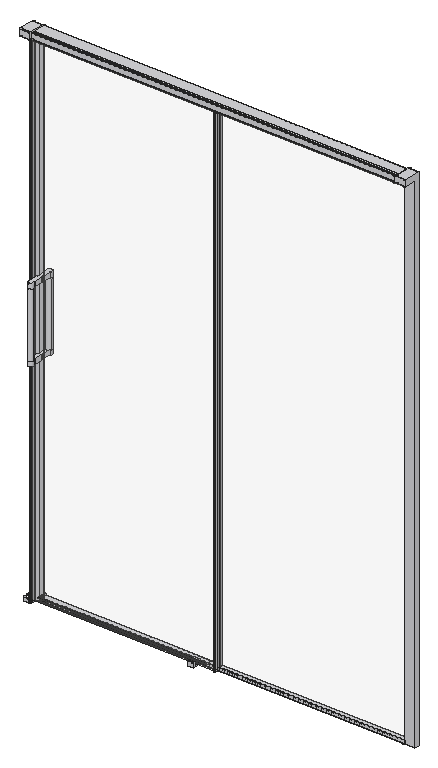
Revit family "Shower-Shower_Door-KOHLER-COMPOSED-1.1922.019_1", category Specialty Equipment, host Face, Revit 2017
Family settings
  Host = Face
  Round Connector Dimension = Use Diameter
  Part Type = Normal
  OmniClass Number = 23.31.17.17
  OmniClass Title = Shower Enclosures
  Cut with Voids When Loaded = No
  Shared = No
  Room Calculation Point = No
Parameters (values of type "Polished Chrome")
  Width [instance] = 59 1/16"
  WaterSense Certified = 1 = 0  # no
  URL = "https://www.kohler.co.uk/"
  Type = 1
  Product Page URL = ""
  Product Name = "COMPOSED"  # constant formula
  Product Documentation Link = ""
  Model = "1.1922.019"  # constant formula
  Material = "Premium Metal Construction"  # constant formula
  Master Format 2014 Name = "Shower Doors"  # constant formula
  Master Format 2014 = "10 28 19.16"  # constant formula
  Manufacturer Address = "Cromwell Road, Cheltenham, Gloucestershire. GL52 5EP Registered in England No. 252115"  # constant formula
  Manufacturer = "KOHLER Co."  # constant formula
  Length = 4 85/256"  # constant formula
  Height = 78 105/128"  # constant formula
  Head Clearance = 77 51/64"  # constant formula
  Finish = Kohler-Metal-CP-Polished_Chrome
  Environmental Product Declaration = ""
  Description = "SLIDING DOOR INLINE 1500 MM"  # constant formula
  Default Elevation = 4"
  Declare Label = ""
  Date Modified = "10/20/2021"  # constant formula
  Date Created = "10/20/2021"  # constant formula
  Copyright = "Copyright KOHLER Co."  # constant formula
  Contact Us = "https://www.kohler.co.uk/support/contact/"
  Assembly Code = "C1030200"
  ADA Compliant = 1 = 0  # no
Reference planes (in)
  plane 1 "Center (Front/Back)": y = 0
  plane 2: z = 0
  plane 3 "Center (Left/Right)": x = 0
  plane 4: x = -29.2126
  plane 5: x = 29.8499
  plane 6: x = -26.96759
  plane 7: z = 78.82031
  plane 8: z = 78.74016
  plane 9: z = 45.11811
  plane 10: z = 33.77953
  plane 11: z = 77.79687
  plane 12: y = 1.97219
  plane 13: y = 1.25984
  plane 14: y = 1.17486
  plane 15: y = -1.25984
  plane 16: y = -2.35984
  plane 17: y = -1.1649
Dimensions and locks (in)
  plane 4 to plane 3 "Center (Left/Right)" = 29.2126"
  "Width": plane 4 to plane 5
  plane 10 to level = 33.77953"
  plane 9 to plane 10 = 11.33858"
  "Head Clearance": plane 11 to plane 2
  "Height": plane 7 to plane 2
  plane 8 to plane 2 = 78.74016"
  plane 15 to plane 13 = 2.51969"
  plane 14 to plane 17 = 2.33977"
  "Length": plane 16 to plane 12
  aligned and locked: plane 2 to host face
  aligned and locked: level to host face
Automatic sketch dimensions
  host sketch curve to host sketch curve = 96"  (x2)
Nested families (in)
  nested 1: "1.1922.019" at (-2.83465, 0, 0), type "1.1922.019"
Definition of nested family "1.1922.019"
  Parameters (values of type "1.1922.019")
    Width = 59.05512"
    Material = none
  Reference planes (in)
    plane 1 "Center (Front/Back)": y = 0
    plane 2: z = 0
    plane 3 "Center (Left/Right)": x = 0
    plane 4: y = 1.25984
    plane 5: y = -1.25984
    plane 6: x = 32.67717
    plane 7: x = 2.83465
    plane 8: y = 1.97219
    plane 9: y = -2.35852
    plane 10: y = -0.35064
    plane 11: y = -0.03568
    plane 12: z = 78.74016
    plane 13: z = 77.79528
    plane 14: z = 45.11811
    plane 15: z = 33.77953
    plane 16: x = 31.10236
    plane 17: z = 78.8189
    plane 18: x = -26.37795
  Forms (in)
    Extrusion 1, solid, material <- "Material", detail levels medium+fine
      sketch origin (0, 0, 0) x (0, 1, 0) y (0, 0, 1)
        loop
          arc (-1.22047, 78.8189) -> (-1.24831, 78.80737) -> (-1.25984, 78.77953) r 0.03937
          line (-1.25984, 78.77953) -> (-1.25984, 77.83465)
          arc (-1.25984, 77.83465) -> (-1.24831, 77.80681) -> (-1.22047, 77.79528) r 0.03937
          line (-1.22047, 77.79528) -> (0.53525, 77.79528) -> (0.53525, 0) -> (1.25984, 0) -> (1.25984, 78.77953)
          arc (1.25984, 78.77953) -> (1.24831, 78.80737) -> (1.22047, 78.8189) r 0.03937
          line (1.22047, 78.8189) -> (-1.22047, 78.8189)
      from 31.10236 to 32.67717
    Extrusion 2, solid, material <- "Material", detail levels medium+fine
      sketch origin (1.42856, 0, 0) x (0, 0, 1) y (0, -1, 0)
        loop
          arc (77.83465, 1.25984) -> (77.80681, 1.24831) -> (77.79528, 1.22047) r 0.03937
          line (77.79528, 1.22047) -> (77.79528, -1.22047)
          arc (77.79528, -1.22047) -> (77.80681, -1.24831) -> (77.83465, -1.25984) r 0.03937
          line (77.83465, -1.25984) -> (78.77953, -1.25984)
          arc (78.77953, -1.25984) -> (78.80737, -1.24831) -> (78.8189, -1.22047) r 0.03937
          line (78.8189, -1.22047) -> (78.8189, 1.22047)
          arc (78.8189, 1.22047) -> (78.80737, 1.24831) -> (78.77953, 1.25984) r 0.03937
          line (78.77953, 1.25984) -> (77.83465, 1.25984)
      from -27.80651 to -26.2317
    Extrusion 3, solid, material <- "Material", detail levels medium+fine
      sketch origin (0, 0, 0) x (1, 0, 0) y (0, 1, 0)
        loop
          arc (-26.33858, 0.63846) -> (-26.34415, 0.62428) -> (-26.35787, 0.61767) r 0.02085
          arc (-26.35787, 0.61767) -> (-26.37216, 0.61079) -> (-26.37795, 0.59602) r 0.02171
          line (-26.37795, 0.59602) -> (-26.37795, 0.56349)
          arc (-26.37795, 0.56349) -> (-26.3719, 0.54839) -> (-26.3571, 0.54164) r 0.02187
          arc (-26.3571, 0.54164) -> (-25.95432, 0.52763) -> (-25.55132, 0.52321) r 16.93887
          line (-25.55132, 0.52321) -> (-25.55132, -0.35909)
          arc (-25.55132, -0.35909) -> (-25.53783, -0.38898) -> (-25.50649, -0.39862) r 0.03984
          line (-25.50649, -0.39862) -> (-25.31475, -0.37439)
          arc (-25.31475, -0.37439) -> (-25.29086, -0.3436) -> (-25.32166, -0.31971) r 0.02756
          line (-25.32166, -0.31971) -> (-25.48501, -0.34035)
          arc (-25.48501, -0.34035) -> (-25.50384, -0.33455) -> (-25.51195, -0.3166) r 0.02394
          line (-25.51195, -0.3166) -> (-25.51195, -0.04168)
          arc (-25.51195, -0.04168) -> (-25.5039, -0.02392) -> (-25.48523, -0.01826) r 0.02362
          line (-25.48523, -0.01826) -> (-25.32267, -0.03979)
          arc (-25.32267, -0.03979) -> (-25.29173, -0.01609) -> (-25.31544, 0.01485) r 0.02756
          line (-25.31544, 0.01485) -> (-25.51983, 0.04191) -> (-25.51983, 0.52327)
          arc (-25.51983, 0.52327) -> (-25.15656, 0.52817) -> (-24.79348, 0.54087) r 16.93887
          arc (-24.79348, 0.54087) -> (-24.76681, 0.553) -> (-24.75591, 0.5802) r 0.03937
          line (-24.75591, 0.5802) -> (-24.75591, 1.2026)
          arc (-24.75591, 1.2026) -> (-24.76681, 1.22979) -> (-24.79348, 1.24193) r 0.03937
          arc (-24.79348, 1.24193) -> (-25.5753, 1.25959) -> (-26.3571, 1.24116) r 16.93887
          arc (-26.3571, 1.24116) -> (-26.3719, 1.23441) -> (-26.37795, 1.21931) r 0.02187
          line (-26.37795, 1.21931) -> (-26.37795, 1.18677)
          arc (-26.37795, 1.18677) -> (-26.37216, 1.17201) -> (-26.35787, 1.16513) r 0.02171
          arc (-26.35787, 1.16513) -> (-26.34415, 1.15852) -> (-26.33858, 1.14434) r 0.02085
          line (-26.33858, 1.14434) -> (-26.33858, 0.63846)
      from 0 to 77.79528
    Extrusion 4, solid, material <- "Material", detail levels medium+fine
      sketch origin (0, 0, 0) x (0, 1, 0) y (0, 0, 1)
        loop
          line (-0.55151, 0) -> (0.53525, 0) -> (0.53525, 0.57577)
          arc (0.53525, 0.57577) -> (0.52746, 0.59457) -> (0.50866, 0.60236) r 0.02659
          line (0.50866, 0.60236) -> (0.08257, 0.60236)
          arc (0.08257, 0.60236) -> (0.06571, 0.59538) -> (0.05873, 0.57852) r 0.02384
          line (0.05873, 0.57852) -> (0.05873, 0.54471)
          arc (0.05873, 0.54471) -> (0.0649, 0.5298) -> (0.07982, 0.52362) r 0.02109
          line (0.07982, 0.52362) -> (0.42064, 0.52362)
          arc (0.42064, 0.52362) -> (0.43616, 0.51719) -> (0.44259, 0.50168) r 0.02195
          line (0.44259, 0.50168) -> (0.44259, 0.05924)
          arc (0.44259, 0.05924) -> (0.43129, 0.03197) -> (0.40401, 0.02067) r 0.03858
          line (0.40401, 0.02067) -> (-0.4269, 0.02067)
          arc (-0.4269, 0.02067) -> (-0.44541, 0.02834) -> (-0.45308, 0.04685) r 0.02618
          line (-0.45308, 0.04685) -> (-0.45308, 0.58105)
          arc (-0.45308, 0.58105) -> (-0.45933, 0.59612) -> (-0.4744, 0.60236) r 0.02131
          line (-0.4744, 0.60236) -> (-0.52844, 0.60236)
          arc (-0.52844, 0.60236) -> (-0.54475, 0.59561) -> (-0.55151, 0.5793) r 0.02307
          line (-0.55151, 0.5793) -> (-0.55151, 0)
      from -26.37795 to -25.59055
    Extrusion 5, solid, material <- "Material", detail levels medium+fine
      sketch origin (0, 0, 0) x (0, 1, 0) y (0, 0, 1)
        loop
          line (1.16693, 0.02339) -> (1.16693, 0.58165)
          arc (1.16693, 0.58165) -> (1.16086, 0.5963) -> (1.14622, 0.60236) r 0.02071
          line (1.14622, 0.60236) -> (0.61574, 0.60236) -> (0.61574, 0.02343)
          arc (0.61574, 0.02343) -> (0.63937, -0.00019) -> (0.66299, 0.02343) r 0.02362
          line (0.66299, 0.02343) -> (0.66299, 0.05786)
          arc (0.66299, 0.05786) -> (0.6691, 0.07262) -> (0.68387, 0.07874) r 0.02088
          line (0.68387, 0.07874) -> (1.09896, 0.07874)
          arc (1.09896, 0.07874) -> (1.11361, 0.07267) -> (1.11968, 0.05802) r 0.02072
          line (1.11968, 0.05802) -> (1.11968, 0.02339)
          arc (1.11968, 0.02339) -> (1.1433, -0.00023) -> (1.16693, 0.02339) r 0.02362
      from -24.44094 to 31.10236
    Extrusion 6, solid, material <- "Material", detail levels medium+fine
      sketch origin (0, 0, 0) x (0, 1, 0) y (0, 0, 1)
        loop
          line (1.16693, 0.62377) -> (1.16693, 0.66823)
          arc (1.16693, 0.66823) -> (1.16112, 0.68202) -> (1.1472, 0.6875) r 0.01927
          line (1.1472, 0.6875) -> (0.41322, 0.67006) -> (0.09963, 0.66121)
          arc (0.09963, 0.66121) -> (0.08592, 0.64689) -> (0.10005, 0.63298) r 0.01411
          line (0.10005, 0.63298) -> (0.57051, 0.63386) -> (0.60201, 0.60236) -> (1.14551, 0.60236)
          arc (1.14551, 0.60236) -> (1.16065, 0.60863) -> (1.16693, 0.62377) r 0.02141
      from -24.75591 to 1.13761
    Extrusion 7, solid, material <- "Material", detail levels medium+fine
      sketch origin (0, 0, 0) x (0, 1, 0) y (0, 0, 1)
        loop
          line (-0.59786, 0) -> (0.61574, 0) -> (0.61574, 0.6752) -> (0.04143, 0.6752)
          arc (0.04143, 0.6752) -> (0.01359, 0.66367) -> (0.00206, 0.63583) r 0.03937
          line (0.00206, 0.63583) -> (0.00206, 0.1378)
          arc (0.00206, 0.1378) -> (-0.00947, 0.10996) -> (-0.03731, 0.09843) r 0.03937
          line (-0.03731, 0.09843) -> (-0.35227, 0.09843)
          arc (-0.35227, 0.09843) -> (-0.38011, 0.10996) -> (-0.39164, 0.1378) r 0.03937
          line (-0.39164, 0.1378) -> (-0.39164, 0.63583)
          arc (-0.39164, 0.63583) -> (-0.40317, 0.66367) -> (-0.43101, 0.6752) r 0.03937
          line (-0.43101, 0.6752) -> (-0.55849, 0.6752)
          arc (-0.55849, 0.6752) -> (-0.58633, 0.66367) -> (-0.59786, 0.63583) r 0.03937
          line (-0.59786, 0.63583) -> (-0.59786, 0)
      from -1.12015 to -0.25565
    Extrusion 8, solid, material <- "Material", detail levels medium+fine
      sketch origin (0, 0, 0) x (1, 0, 0) y (0, 1, 0)
        loop
          arc (2.79513, -0.34282) -> (2.78821, -0.35812) -> (2.77215, -0.363) r 0.02035
          line (2.77215, -0.363) -> (2.67743, -0.35064)
          arc (2.67743, -0.35064) -> (2.66615, -0.34036) -> (2.65173, -0.33538) r 0.03783
          line (2.65173, -0.33538) -> (2.6205, -0.3313)
          arc (2.6205, -0.3313) -> (2.58961, -0.35506) -> (2.61337, -0.38596) r 0.02756
          line (2.61337, -0.38596) -> (2.77372, -0.40688)
          arc (2.77372, -0.40688) -> (2.81894, -0.39312) -> (2.83844, -0.35006) r 0.0573
          line (2.83844, -0.35006) -> (2.83844, 0.18323)
          arc (2.83844, 0.18323) -> (2.81573, 0.32364) -> (2.74992, 0.44974) r 0.44544
          arc (2.74992, 0.44974) -> (2.70733, 0.4854) -> (2.65328, 0.49819) r 0.12061
          line (2.65328, 0.49819) -> (2.58229, 0.49819)
          arc (2.58229, 0.49819) -> (2.55866, 0.47457) -> (2.58229, 0.45094) r 0.02362
          line (2.58229, 0.45094) -> (2.65291, 0.45094)
          arc (2.65291, 0.45094) -> (2.68139, 0.44454) -> (2.70438, 0.42655) r 0.06648
          arc (2.70438, 0.42655) -> (2.76884, 0.3124) -> (2.7912, 0.18323) r 0.38438
          line (2.7912, 0.18323) -> (2.7912, 0.02575) -> (2.61213, 0.0058)
          arc (2.61213, 0.0058) -> (2.58774, -0.02501) -> (2.61877, -0.04911) r 0.02765
          line (2.61877, -0.04911) -> (2.65, -0.04503)
          arc (2.65, -0.04503) -> (2.66516, -0.03996) -> (2.6773, -0.02956) r 0.04168
          line (2.6773, -0.02956) -> (2.77094, -0.01734)
          arc (2.77094, -0.01734) -> (2.78784, -0.02248) -> (2.79513, -0.03858) r 0.02142
          line (2.79513, -0.03858) -> (2.79513, -0.34282)
        loop
          arc (2.36202, 1.13142) -> (2.36895, 1.14671) -> (2.38501, 1.1516) r 0.02035
          line (2.38501, 1.1516) -> (2.47973, 1.13924)
          arc (2.47973, 1.13924) -> (2.49101, 1.12896) -> (2.50543, 1.12398) r 0.03783
          line (2.50543, 1.12398) -> (2.53666, 1.1199)
          arc (2.53666, 1.1199) -> (2.56755, 1.14366) -> (2.54379, 1.17455) r 0.02756
          line (2.54379, 1.17455) -> (2.38344, 1.19548)
          arc (2.38344, 1.19548) -> (2.33821, 1.18172) -> (2.31872, 1.13866) r 0.0573
          line (2.31872, 1.13866) -> (2.31872, 0.60537)
          arc (2.31872, 0.60537) -> (2.34143, 0.46496) -> (2.40724, 0.33886) r 0.44544
          arc (2.40724, 0.33886) -> (2.44983, 0.3032) -> (2.50388, 0.29041) r 0.12061
          line (2.50388, 0.29041) -> (2.57487, 0.29041)
          arc (2.57487, 0.29041) -> (2.59849, 0.31403) -> (2.57487, 0.33765) r 0.02362
          line (2.57487, 0.33765) -> (2.50424, 0.33765)
          arc (2.50424, 0.33765) -> (2.47576, 0.34406) -> (2.45277, 0.36205) r 0.06648
          arc (2.45277, 0.36205) -> (2.38831, 0.4762) -> (2.36596, 0.60537) r 0.38438
          line (2.36596, 0.60537) -> (2.36596, 0.76285) -> (2.54503, 0.7828)
          arc (2.54503, 0.7828) -> (2.56942, 0.8136) -> (2.53839, 0.83771) r 0.02765
          line (2.53839, 0.83771) -> (2.50716, 0.83363)
          arc (2.50716, 0.83363) -> (2.492, 0.82856) -> (2.47986, 0.81815) r 0.04168
          line (2.47986, 0.81815) -> (2.38622, 0.80593)
          arc (2.38622, 0.80593) -> (2.36931, 0.81108) -> (2.36202, 0.82718) r 0.02142
          line (2.36202, 0.82718) -> (2.36202, 1.13142)
      from 0.36643 to 77.79528
    Extrusion 9, solid, material <- "Material", detail levels medium+fine
      sketch origin (0, 0, 0) x (0, 1, 0) y (0, 0, 1)
        loop
          arc (-1.1649, 77.8382) -> (-1.15233, 77.80785) -> (-1.12198, 77.79528) r 0.04292
          line (-1.12198, 77.79528) -> (-0.48364, 77.79528)
          arc (-0.48364, 77.79528) -> (-0.45804, 77.82087) -> (-0.48364, 77.84647) r 0.0256
          line (-0.48364, 77.84647) -> (-1.08616, 77.84647) -> (-1.08616, 78.55868) -> (-0.74681, 78.55868) -> (-0.63621, 78.6693) -> (0.25573, 78.6693) -> (0.25573, 77.84646) -> (0.10897, 77.84646)
          arc (0.10897, 77.84646) -> (0.08338, 77.82087) -> (0.10897, 77.79528) r 0.02559
          line (0.10897, 77.79528) -> (1.13549, 77.79528)
          arc (1.13549, 77.79528) -> (1.16333, 77.80681) -> (1.17486, 77.83465) r 0.03937
          line (1.17486, 77.83465) -> (1.17486, 78.7008)
          arc (1.17486, 78.7008) -> (1.16333, 78.72864) -> (1.13549, 78.74017) r 0.03937
          line (1.13549, 78.74017) -> (-0.66557, 78.74017) -> (-0.77617, 78.62955) -> (-1.01238, 78.62955) -> (-1.11296, 78.73011)
          arc (-1.11296, 78.73011) -> (-1.14612, 78.73671) -> (-1.1649, 78.7086) r 0.03043
          line (-1.1649, 78.7086) -> (-1.1649, 77.8382)
      from -24.80315 to 31.10236
    Extrusion 10, solid, detail levels medium+fine
      sketch origin (0, 0, 0) x (1, 0, 0) y (0, 1, 0)
        loop
          line (-25.51195, -0.07505) -> (-25.51195, -0.31127) -> (-25.47258, -0.35064) -> (2.75576, -0.35064) -> (2.79513, -0.31127) -> (2.79513, -0.07505) -> (2.75576, -0.03568) -> (-25.47258, -0.03568) -> (-25.51195, -0.07505)
        loop
          line (31.69273, 0.80669) -> (31.69273, 1.04291) -> (31.65336, 1.08228) -> (2.40139, 1.08228) -> (2.36202, 1.04291) -> (2.36202, 0.80669) -> (2.40139, 0.76732) -> (31.65336, 0.76732) -> (31.69273, 0.80669)
      from 0.36643 to 78.24803
    Extrusion 11, solid, material <- "Material"
      sketch origin (-5.88699, 0, 0) x (1, 0, 0) y (0, 1, 0)
        loop
          line (-17.93321, -0.39001) -> (-18.04861, -0.39001) -> (-18.04861, 0.00369) -> (-17.93321, 0.00369) -> (-17.93321, 1.25102)
          arc (-17.93321, 1.25102) -> (-17.92474, 1.30814) -> (-17.90005, 1.36036) r 0.19685
          arc (-17.90005, 1.36036) -> (-18.22616, 1.97274) -> (-18.55622, 1.36248) r 0.3937
          arc (-18.55622, 1.36248) -> (-18.53205, 1.31071) -> (-18.52376, 1.25419) r 0.19685
          line (-18.52376, 1.25419) -> (-18.52376, 0.00369) -> (-18.40392, 0.00369) -> (-18.40392, -0.39001) -> (-18.52376, -0.39001) -> (-18.52376, -1.64052)
          arc (-18.52376, -1.64052) -> (-18.53205, -1.69704) -> (-18.55622, -1.7488) r 0.19685
          arc (-18.55622, -1.7488) -> (-18.22616, -2.35906) -> (-17.90005, -1.74668) r 0.3937
          arc (-17.90005, -1.74668) -> (-17.92474, -1.69447) -> (-17.93321, -1.63734) r 0.19685
          line (-17.93321, -1.63734) -> (-17.93321, -0.39001)
      from 44.40186 to 45.11811
    Extrusion 12, solid, material <- "Material"
      sketch origin (-5.88699, 0, 0) x (1, 0, 0) y (0, 1, 0)
        loop
          line (-17.93321, -0.39001) -> (-18.04861, -0.39001) -> (-18.04861, 0.00369) -> (-17.93321, 0.00369) -> (-17.93321, 1.25102)
          arc (-17.93321, 1.25102) -> (-17.92474, 1.30814) -> (-17.90005, 1.36036) r 0.19685
          arc (-17.90005, 1.36036) -> (-18.22616, 1.97274) -> (-18.55622, 1.36248) r 0.3937
          arc (-18.55622, 1.36248) -> (-18.53205, 1.31071) -> (-18.52376, 1.25419) r 0.19685
          line (-18.52376, 1.25419) -> (-18.52376, 0.00369) -> (-18.40392, 0.00369) -> (-18.40392, -0.39001) -> (-18.52376, -0.39001) -> (-18.52376, -1.64052)
          arc (-18.52376, -1.64052) -> (-18.53205, -1.69704) -> (-18.55622, -1.7488) r 0.19685
          arc (-18.55622, -1.7488) -> (-18.22616, -2.35906) -> (-17.90005, -1.74668) r 0.3937
          arc (-17.90005, -1.74668) -> (-17.92474, -1.69447) -> (-17.93321, -1.63734) r 0.19685
          line (-17.93321, -1.63734) -> (-17.93321, -0.39001)
      from 33.77953 to 34.4806
    Extrusion 13, solid, material <- "Material"
      sketch origin (-5.88699, 0, 0) x (1, 0, 0) y (0, 1, 0)
        loop
          circle (-18.22743, 1.57904) r 0.3937
        loop
          circle (-18.22743, -1.96536) r 0.3937
      from 34.4806 to 44.40186
    Extrusion 14, solid, material <- "Material", detail levels medium+fine
      sketch origin (0, -4.7515, 0) x (0, 1, 0) y (0, 0, 1)
        loop
          line (5.97103, 0.78803) -> (5.31384, 0.77242)
          arc (5.31384, 0.77242) -> (5.28661, 0.76057) -> (5.2754, 0.73306) r 0.03937
          line (5.2754, 0.73306) -> (5.2754, 0) -> (5.33234, 0) -> (5.33234, 0.68659) -> (5.91108, 0.70034) -> (5.91108, 0) -> (6.01134, 0) -> (6.01134, 0.74867)
          arc (6.01134, 0.74867) -> (5.99947, 0.77684) -> (5.97103, 0.78803) r 0.03937
      from -24.75591 to -24.44094
    Extrusion 15, solid, material <- "Material", detail levels coarse
      sketch origin (0, 0, 0) x (1, 0, 0) y (0, 0, 1)
        loop
          line (-24.75591, 77.79528) -> (-24.75591, 0.67403) -> (2.31872, 0.67403) -> (2.31872, 77.79528) -> (-24.75591, 77.79528)
        loop
          line (32.67717, 78.8189) -> (-26.37795, 78.8189) -> (-26.37795, 0) -> (32.67717, 0) -> (32.67717, 78.8189)
        loop
          line (2.83844, 77.79528) -> (2.83844, 0.67403) -> (31.10236, 0.67403) -> (31.10236, 77.79528) -> (2.83844, 77.79528)
      from -1.25984 to 1.25984
    Extrusion 16, solid, detail levels coarse
      sketch origin (0, 0, 0) x (1, 0, 0) y (0, 0, 1)
        loop
          line (-24.75591, 77.79528) -> (-24.75591, 0.67403) -> (2.31872, 0.67403) -> (2.31872, 77.79528) -> (-24.75591, 77.79528)
      from 0.03568 to 0.35064
    Extrusion 17, solid, detail levels coarse
      sketch origin (0, 0, 0) x (1, 0, 0) y (0, 0, 1)
        loop
          line (2.83844, 77.79528) -> (2.83844, 0.67403) -> (31.10236, 0.67403) -> (31.10236, 77.79528) -> (2.83844, 77.79528)
      from -1.08228 to -0.76732
  Cuts and joins
    joined: Extrusion 3, Extrusion 6, Extrusion 9
    joined: Extrusion 1, Extrusion 2
    joined: Extrusion 4, Extrusion 7, Extrusion 8
    joined: Extrusion 11, Extrusion 12, Extrusion 13
    joined: Extrusion 5, Extrusion 14
    joined: Extrusion 16, Extrusion 17
  Lines and regions (in)
    Masking region 1
      outline origin (0, 0, 0) x (1, 0, 0) y (0, 1, 0)
        loop
          line (-26.37795, 1.25984) -> (-26.37795, -1.25984) -> (-24.80315, -1.25984) -> (-24.80315, -1.1649) -> (-24.41076, -1.1649) -> (-24.41076, -1.64052)
          arc (-24.41076, -1.64052) -> (-24.41905, -1.69704) -> (-24.44321, -1.7488) r 0.19685
          arc (-24.44321, -1.7488) -> (-24.11316, -2.35906) -> (-23.78705, -1.74668) r 0.3937
          arc (-23.78705, -1.74668) -> (-23.81173, -1.69447) -> (-23.82021, -1.63734) r 0.19685
          line (-23.82021, -1.63734) -> (-23.82021, -1.1649) -> (-17.93321, -1.1649) -> (31.10236, -1.1649) -> (31.10236, -1.25984) -> (32.67717, -1.25984) -> (32.67717, 1.25984) -> (31.10236, 1.25984) -> (31.10236, 1.17486) -> (-17.93321, 1.17486) -> (-23.82021, 1.17486) -> (-23.82021, 1.25102)
          arc (-23.82021, 1.25102) -> (-23.81173, 1.30814) -> (-23.78705, 1.36036) r 0.19685
          arc (-23.78705, 1.36036) -> (-24.11316, 1.97274) -> (-24.44321, 1.36248) r 0.3937
          arc (-24.44321, 1.36248) -> (-24.41905, 1.31071) -> (-24.41076, 1.25419) r 0.19685
          line (-24.41076, 1.25419) -> (-24.41076, 1.17486) -> (-24.80315, 1.17486) -> (-24.80315, 1.25984) -> (-26.37795, 1.25984)
    Masking region 2
      outline origin (0, 0, 0) x (1, 0, 0) y (0, 0, 1)
        loop
          line (-26.37795, 78.8189) -> (-26.37795, 0) -> (32.67717, 0) -> (32.67717, 78.8189) -> (31.10236, 78.8189) -> (31.10236, 78.74016) -> (-24.80315, 78.74016) -> (-24.80315, 78.8189) -> (-26.37795, 78.8189)
    Masking region 3
      outline origin (1.42856, 0, 0) x (0, 0, 1) y (0, -1, 0)
        loop
          arc (77.83465, 1.25984) -> (77.80681, 1.24831) -> (77.79528, 1.22047) r 0.03937
          line (77.79528, 1.22047) -> (77.79528, 0.40688) -> (45.11811, 0.40688) -> (45.11811, 2.35852) -> (33.77953, 2.35852) -> (33.77953, 0.40688) -> (0.6752, 0.40688) -> (0.6752, 0.55849)
          arc (0.6752, 0.55849) -> (0.66367, 0.58633) -> (0.63583, 0.59786) r 0.03937
          line (0.63583, 0.59786) -> (0, 0.59786) -> (0, -1.25984) -> (33.77953, -1.25984) -> (33.77953, -1.97219) -> (45.11811, -1.97219) -> (45.11811, -1.25984) -> (78.77953, -1.25984)
          arc (78.77953, -1.25984) -> (78.80737, -1.24831) -> (78.8189, -1.22047) r 0.03937
          line (78.8189, -1.22047) -> (78.8189, 1.22047)
          arc (78.8189, 1.22047) -> (78.80737, 1.24831) -> (78.77953, 1.25984) r 0.03937
          line (78.77953, 1.25984) -> (77.83465, 1.25984)
        loop
          line (44.40186, 1.57111) -> (34.4806, 1.57111) -> (34.4806, 0.40688) -> (44.40186, 0.40688) -> (44.40186, 1.57111)
    symbolic lines, detail levels medium+fine
      curve 1: line (-24.80315, 1.25984, 0) -> (-24.80315, -1.1649, 0)
      curve 2: line (-19.76379, 1.17486, 0) -> (-20.07874, 1.17486, 0)
      curve 3: line (-17.93321, 1.17486, 0) -> (-18.52376, 1.17486, 0)
      curve 4: line (-18.52376, -1.1649, 0) -> (-17.93321, -1.1649, 0)
      curve 5: line (-24.80315, -0.66557, 0) -> (31.10236, -0.66557, 0)
      curve 6: line (-24.80315, -0.77617, 0) -> (31.10236, -0.77617, 0)
      curve 7: line (-24.80315, -1.01238, 0) -> (31.10236, -1.01238, 0)
      curve 8: line (31.10236, 1.17486, 0) -> (31.10236, -1.1649, 0)
      curve 9: circle (29.52718, 0.9058, 0) r 0.15748 normal (0, 0, 1)
      curve 10: circle (-12.02435, 0.41322, 0) r 0.23622 normal (0, 0, 1)
      curve 11: line (-25.55132, 0, 77.79528) -> (-25.55132, 0, 0.73509)
      curve 12: line (-25.29064, 0, 77.60847) -> (-25.29064, 0, 0.01004)
      curve 13: line (-25.29064, 0, 77.60847) -> (-25.55132, 0, 77.60847)
      curve 14: line (-25.29064, 0, 0.73509) -> (-25.55132, 0, 0.73509)
      curve 15: line (-24.4882, 0, 0.01004) -> (-24.4882, 0, 0.61241)
      curve 16: line (-25.27559, 0, 0.61241) -> (-25.27559, 0, 0.01004)
      curve 17: line (2.83844, 0, 0.36643) -> (-0.25565, 0, 0.36643)
      curve 18: line (-25.51195, 0, 0.37647) -> (-25.51195, 0, 0.73509)
      curve 19: line (-25.27559, 0, 0.61241) -> (-24.4882, 0, 0.61241)
      curve 20: line (-25.27559, 0, 0.37647) -> (-25.51195, 0, 0.37647)
      curve 21: line (-1.12015, 0, 0.6752) -> (-1.12015, 0, 0)
      curve 22: line (-0.25565, 0, 0) -> (-0.25565, 0, 0.6752)
      curve 23: line (-1.12015, 0, 0.6752) -> (-0.25565, 0, 0.6752)
      curve 24: line (-1.12015, 0, 0.36643) -> (-24.4882, 0, 0.36643)
      curve 25: line (2.58229, 0, 0.36643) -> (2.58229, 0, 77.79528)
      curve 26: line (2.83844, 0, 0.36643) -> (2.83844, 0, 77.79528)
      curve 27: line (31.10236, 0, 0.60236) -> (2.83844, 0, 0.60236)
      curve 28: line (31.10236, 0, 78.74016) -> (31.10236, 0, 0)
      curve 29: line (-24.80315, 0, 77.79528) -> (31.10236, 0, 77.79528)
      curve 30: line (31.10236, 0, 77.70375) -> (32.67717, 0, 77.70375)
      curve 31: line (-26.37795, 0, 77.79528) -> (-24.80315, 0, 77.79528)
      curve 32: line (-24.80315, 0, 78.7502) -> (-24.80315, 0, 77.79528)
      curve 33: line (-24.52665, 0, 45.11811) -> (-23.73924, 0, 45.11811)
      curve 34: line (-24.52665, 0, 33.77953) -> (-24.52665, 0, 45.11811)
      curve 35: line (-23.73924, 0, 33.77953) -> (-24.52665, 0, 33.77953)
      curve 36: line (-23.73924, 0, 45.11811) -> (-23.73924, 0, 33.77953)
      curve 37: line (1.42856, 1.25984, 77.79528) -> (1.42856, -0.39893, 77.79528)
      curve 38: line (1.42856, 0.53525, 77.79528) -> (1.42856, 0.53525, 0)
      curve 39: line (1.42856, 1.16385, 0) -> (1.42856, 1.16385, 77.79528)
      curve 40: line (1.42856, 0.62487, 0) -> (1.42856, 0.62487, 77.79528)
      curve 41: line (1.42856, -1.74668, 44.4806) -> (1.42856, -1.74668, 45.11811)
      curve 42: line (1.42856, -1.66794, 44.40186) -> (1.42856, -1.57166, 44.40186)
      curve 43: line (1.42856, 1.36248, 44.47939) -> (1.42856, 1.36248, 45.11811)
      curve 44: line (1.42856, 1.28494, 44.40186) -> (1.42856, 1.25984, 44.40186)
      curve 45: line (1.42856, -0.40688, 44.40186) -> (1.42856, -0.40688, 45.11811)
      curve 46: line (1.42856, 1.25984, 45.11811) -> (1.42856, 1.25984, 33.77953)
      curve 47: arc (1.42856, -1.74668, 44.4806) -> (1.42856, -1.72362, 44.42492) -> (1.42856, -1.66794, 44.40186) r 0.07874
      curve 48: arc (1.42856, 1.36248, 44.47939) -> (1.42856, 1.33977, 44.42457) -> (1.42856, 1.28494, 44.40186) r 0.07753
      curve 49: line (1.42856, -1.74668, 34.41704) -> (1.42856, -1.74668, 33.77953)
      curve 50: line (1.42856, -1.66794, 34.49578) -> (1.42856, -1.57166, 34.49578)
      curve 51: line (1.42856, 1.36248, 34.38804) -> (1.42856, 1.36248, 33.77953)
      curve 52: line (1.42856, -0.40688, 34.49578) -> (1.42856, -0.40688, 33.77953)
      curve 53: arc (1.42856, -1.74668, 34.41704) -> (1.42856, -1.72362, 34.47272) -> (1.42856, -1.66794, 34.49578) r 0.07874
      curve 54: line (1.42856, 1.25984, 34.46678) -> (1.42856, 1.28374, 34.46678)
      curve 55: arc (1.42856, 1.28374, 34.46678) -> (1.42856, 1.33941, 34.44371) -> (1.42856, 1.36248, 34.38804) r 0.07874
      curve 56: line (1.42856, -0.40688, 0.6752) -> (1.42856, 0.53525, 0.6752)
      curve 57: line (1.42856, -0.55151, 0.5793) -> (1.42856, -0.55151, 0)
      curve 58: line (1.42856, -0.40688, 0.09843) -> (1.42856, -0.4269, 0.09843)
      curve 59: arc (1.42856, -0.4269, 0.09843) -> (1.42856, -0.44541, 0.10609) -> (1.42856, -0.45308, 0.12461) r 0.02618
      curve 60: line (1.42856, -0.45308, 0.12461) -> (1.42856, -0.45308, 0.58105)
      curve 61: line (1.42856, -0.4744, 0.60236) -> (1.42856, -0.52844, 0.60236)
      curve 62: arc (1.42856, -0.45308, 0.58105) -> (1.42856, -0.45933, 0.59612) -> (1.42856, -0.4744, 0.60236) r 0.02131
      curve 63: arc (1.42856, -0.52844, 0.60236) -> (1.42856, -0.54475, 0.59561) -> (1.42856, -0.55151, 0.5793) r 0.02307
      curve 64: line (1.42856, 0.08257, 0.60236) -> (1.42856, 0.50866, 0.60236)
      curve 65: arc (1.42856, 0.50866, 0.60236) -> (1.42856, 0.52746, 0.59457) -> (1.42856, 0.53525, 0.57577) r 0.02659
      curve 66: line (1.42856, -0.4269, 0.09843) -> (1.42856, 0.40401, 0.09843)
      curve 67: arc (1.42856, 0.40401, 0.09843) -> (1.42856, 0.43129, 0.10972) -> (1.42856, 0.44259, 0.137) r 0.03858
      curve 68: line (1.42856, 0.44259, 0.137) -> (1.42856, 0.44259, 0.50168)
      curve 69: arc (1.42856, 0.44259, 0.50168) -> (1.42856, 0.43616, 0.51719) -> (1.42856, 0.42064, 0.52362) r 0.02195
      curve 70: line (1.42856, 0.42064, 0.52362) -> (1.42856, 0.07982, 0.52362)
      curve 71: arc (1.42856, 0.07982, 0.52362) -> (1.42856, 0.0649, 0.5298) -> (1.42856, 0.05873, 0.54471) r 0.02109
      curve 72: line (1.42856, 0.05873, 0.54471) -> (1.42856, 0.05873, 0.57852)
      curve 73: arc (1.42856, 0.05873, 0.57852) -> (1.42856, 0.06571, 0.59538) -> (1.42856, 0.08257, 0.60236) r 0.02384
      curve 74: line (1.42856, 0.00206, 0.63583) -> (1.42856, 0.00206, 0.1378)
      curve 75: arc (1.42856, 0.04143, 0.6752) -> (1.42856, 0.01359, 0.66367) -> (1.42856, 0.00206, 0.63583) r 0.03937
      curve 76: line (1.42856, -0.39164, 0.1378) -> (1.42856, -0.39164, 0.63583)
      curve 77: arc (1.42856, -0.35227, 0.09843) -> (1.42856, -0.38011, 0.10996) -> (1.42856, -0.39164, 0.1378) r 0.03937
      curve 78: arc (1.42856, 0.00206, 0.1378) -> (1.42856, -0.00947, 0.10996) -> (1.42856, -0.03731, 0.09843) r 0.03937
      curve 79: arc (1.42856, -0.39164, 0.63583) -> (1.42856, -0.40317, 0.66367) -> (1.42856, -0.43101, 0.6752) r 0.03937
      curve 80: line (-24.41076, 1.17486, 0) -> (-23.82021, 1.17486, 0)
      curve 81: line (-24.41076, -1.1649, 0) -> (-23.82021, -1.1649, 0)
  Dimensions and locks (in)
    plane 5 to plane 4 = 2.51969"
    plane 9 to plane 10 = 2.00787"
    plane 8 to plane 11 = 2.00787"
    plane 12 to level = 78.74016"
    plane 13 to level = 77.79528"
    plane 15 to level = 33.77953"
    plane 14 to plane 15 = 11.33858"
    locked: plane 16 to plane 6 at 1.5748
    locked: Extrusion 10 sketch curve to plane 6 at 0.98443
    locked: plane 7 to plane 18 at 29.2126
    "Width": plane 6 to plane 18
    locked: plane 7 to plane 3 "Center (Left/Right)" at 2.83465
    locked: cut or joined group of Extrusion 1, Extrusion 2 to Extrusion 15 sketch curve at 1.5748
    aligned and locked: level to plane 2
    aligned and locked: Extrusion 1 to plane 6
    aligned and locked: plane 16 to Extrusion 1
    aligned and locked: plane 13 to Extrusion 3
    aligned and locked: plane 13 to Extrusion 8
    aligned and locked: Extrusion 9 to plane 16
    aligned and locked: Extrusion 5 to plane 16
    aligned and locked: plane 14 to Extrusion 11
    aligned and locked: Extrusion 12 to plane 15
    aligned and locked: Masking region 1 sketch curve to plane 4  (x2)
    aligned and locked: plane 5 to Masking region 1 sketch curve  (x2)
    aligned and locked: plane 6 to Masking region 1 sketch curve
    aligned and locked: plane 16 to Masking region 1 sketch curve  (x2)
    aligned and locked: curve 2 to Masking region 1
    aligned and locked: Masking region 1 to curve 3
    aligned and locked: Masking region 1 to curve 4
    aligned and locked: cut or joined group of Extrusion 3, Extrusion 6, Extrusion 9 to curve 5
    aligned and locked: cut or joined group of Extrusion 3, Extrusion 6, Extrusion 9 to curve 6
    aligned and locked: cut or joined group of Extrusion 3, Extrusion 6, Extrusion 9 to curve 7
    aligned and locked: plane 16 to curve 8
    aligned and locked: Masking region 2 sketch curve to plane 12
    aligned and locked: plane 6 to Masking region 2 sketch curve
    aligned and locked: Masking region 2 sketch curve to level
    aligned and locked: curve 21 to cut or joined group of Extrusion 4, Extrusion 7, Extrusion 8
    aligned and locked: curve 22 to cut or joined group of Extrusion 4, Extrusion 7, Extrusion 8
    aligned and locked: curve 27 to cut or joined group of Extrusion 5, Extrusion 14
    aligned and locked: cut or joined group of Extrusion 1, Extrusion 2 to curve 28
    aligned and locked: curve 29 to plane 13
    aligned and locked: curve 38 to cut or joined group of Extrusion 1, Extrusion 2
    aligned and locked: plane 16 to Masking region 2 sketch curve
    aligned and locked: cut or joined group of Extrusion 3, Extrusion 6, Extrusion 9 to cut or joined group of Extrusion 1, Extrusion 2
    aligned and locked: plane 6 to Extrusion 15 sketch curve
    aligned and locked: Extrusion 17 sketch curve to Extrusion 15
  Automatic sketch dimensions
    Extrusion 4 sketch curve to level = 0"
    plane 10 to Extrusion 4 sketch curve = 0.20087"
    Extrusion 4 sketch curve to Extrusion 4 sketch curve = 0.02307"
    Extrusion 4 sketch curve to Extrusion 4 sketch curve = 0.05405"
    Extrusion 4 sketch curve to Extrusion 4 sketch curve = 0.02131"
    Extrusion 4 sketch curve to Extrusion 4 sketch curve = 0.02618"
    Extrusion 4 sketch curve to plane 1 "Center (Front/Back)" = 0.05873"
    Extrusion 4 sketch curve to Extrusion 4 sketch curve = 0.02109"
    Extrusion 4 sketch curve to Extrusion 4 sketch curve = 0.02384"
    level to Extrusion 4 sketch curve = 0.02067"
    Extrusion 4 sketch curve to plane 1 "Center (Front/Back)" = 0.40401"
    Extrusion 4 sketch curve to Extrusion 4 sketch curve = 0.34082"
    Extrusion 4 sketch curve to Extrusion 4 sketch curve = 0.02195"
    Extrusion 4 sketch curve to Extrusion 4 sketch curve = 0.08802"
    Extrusion 4 sketch curve to Extrusion 4 sketch curve = 0.13124"
    Extrusion 4 sketch curve to Extrusion 4 sketch curve = 0.44243"
    Extrusion 4 sketch curve to Extrusion 4 sketch curve = 0.0741"
    Extrusion 4 sketch curve to Extrusion 4 sketch curve = 0.53245"
    Extrusion 5 sketch curve to plane 1 "Center (Front/Back)" = 0.61574"
    Extrusion 5 sketch curve to Extrusion 5 sketch curve = 0.02362"  (x2)
    Extrusion 5 sketch curve to Extrusion 5 sketch curve = 0.02088"
    level to Extrusion 5 sketch curve = 0.05802"
    Extrusion 5 sketch curve to plane 4 = 0.16088"
    Extrusion 5 sketch curve to Extrusion 5 sketch curve = 0.02072"
    Extrusion 5 sketch curve to Extrusion 5 sketch curve = 0.02071"
    level to Extrusion 5 sketch curve = 3/128"
    level to Extrusion 5 sketch curve = 0.02339"
    Extrusion 5 sketch curve to Extrusion 5 sketch curve = 0.50291"
    Extrusion 6 sketch curve to plane 1 "Center (Front/Back)" = 0.09963"
    Extrusion 6 sketch curve to Extrusion 6 sketch curve = 0.0004"
    Extrusion 6 sketch curve to Extrusion 6 sketch curve = 0.00003"
    Extrusion 6 sketch curve to Extrusion 6 sketch curve = 0.31358"
    Extrusion 6 sketch curve to Extrusion 6 sketch curve = 0.1573"
    Extrusion 6 sketch curve to Extrusion 6 sketch curve = 0.0315"  (x2)
    Extrusion 6 sketch curve to plane 4 = 0.11433"
    Extrusion 6 sketch curve to Extrusion 6 sketch curve = 0.00168"
    Extrusion 6 sketch curve to Extrusion 6 sketch curve = 0.00046"
    Extrusion 6 sketch curve to Extrusion 6 sketch curve = 0.01927"
    level to Extrusion 6 sketch curve = 0.60236"
    Extrusion 6 sketch curve to Extrusion 6 sketch curve = 0.03062"
    Extrusion 6 sketch curve to Extrusion 6 sketch curve = 0.01411"
    Extrusion 6 sketch curve to Extrusion 6 sketch curve = 0.04446"
    Extrusion 6 sketch curve to Extrusion 6 sketch curve = 0.0362"
    Extrusion 7 sketch curve to level = 0"
    plane 10 to Extrusion 7 sketch curve = 0.24722"
    Extrusion 7 sketch curve to Extrusion 7 sketch curve = 0.03937"
    plane 10 to Extrusion 7 sketch curve = 0.08037"
    plane 10 to Extrusion 7 sketch curve = 0.041"
    plane 10 to Extrusion 7 sketch curve = 0.00163"
    plane 11 to Extrusion 7 sketch curve = 0.00163"
    Extrusion 7 sketch curve to plane 1 "Center (Front/Back)" = 0.00206"
    Extrusion 7 sketch curve to plane 1 "Center (Front/Back)" = 0.04143"
    Extrusion 7 sketch curve to Extrusion 7 sketch curve = 0.57431"
    level to Extrusion 7 sketch curve = 0.09843"
    Extrusion 7 sketch curve to Extrusion 7 sketch curve = 0.49803"
    Extrusion 7 sketch curve to Extrusion 7 sketch curve = 0"
    plane 10 to Extrusion 8 sketch curve = 0"
    Extrusion 8 sketch curve to plane 7 = 0.51593"
    Extrusion 8 sketch curve to Extrusion 8 sketch curve = 0.04331"
    Extrusion 8 sketch curve to Extrusion 8 sketch curve = 0.00394"
    Extrusion 8 sketch curve to Extrusion 8 sketch curve = 0.014"
    Extrusion 8 sketch curve to Extrusion 8 sketch curve = 0.00635"  (x2)
    Extrusion 8 sketch curve to plane 4 = 0.06436"
    Extrusion 8 sketch curve to Extrusion 8 sketch curve = 0.00742"
    Extrusion 8 sketch curve to Extrusion 8 sketch curve = 0.02142"
    Extrusion 8 sketch curve to plane 4 = 0.10824"
    Extrusion 8 sketch curve to Extrusion 8 sketch curve = 0.00899"
    Extrusion 8 sketch curve to Extrusion 8 sketch curve = 0.00277"  (x2)
    Extrusion 8 sketch curve to plane 1 "Center (Front/Back)" = 0.18323"
    Extrusion 8 sketch curve to Extrusion 8 sketch curve = 0.02704"
    Extrusion 8 sketch curve to Extrusion 8 sketch curve = 0.01382"  (x2)
    Extrusion 8 sketch curve to plane 4 = 0.1206"
    Extrusion 8 sketch curve to Extrusion 8 sketch curve = 0.09472"
    Extrusion 8 sketch curve to Extrusion 8 sketch curve = 0.09364"
    Extrusion 8 sketch curve to Extrusion 8 sketch curve = 0.09706"
    Extrusion 8 sketch curve to Extrusion 8 sketch curve = 0.00036"  (x2)
    Extrusion 8 sketch curve to plane 4 = 0.13587"
    Extrusion 8 sketch curve to Extrusion 8 sketch curve = 0.0257"  (x2)
    Extrusion 8 sketch curve to Extrusion 8 sketch curve = 0.0273"
    Extrusion 8 sketch curve to Extrusion 8 sketch curve = 0.03059"
    Extrusion 8 sketch curve to Extrusion 8 sketch curve = 0.00539"
    Extrusion 8 sketch curve to plane 4 = 0.13994"
    Extrusion 8 sketch curve to Extrusion 8 sketch curve = 1/32"  (x4)
    Extrusion 8 sketch curve to Extrusion 8 sketch curve = 0.00357"  (x3)
    Extrusion 8 sketch curve to Extrusion 8 sketch curve = 0.00358"  (x2)
    Extrusion 8 sketch curve to plane 4 = 0.08529"
    Extrusion 8 sketch curve to Extrusion 8 sketch curve = 0.00306"  (x2)
    Extrusion 8 sketch curve to Extrusion 8 sketch curve = 0.07099"
    Extrusion 8 sketch curve to Extrusion 8 sketch curve = 0.07841"
    Extrusion 8 sketch curve to plane 1 "Center (Front/Back)" = 0.0058"
    Extrusion 8 sketch curve to plane 7 = 0.22252"
    plane 10 to Extrusion 8 sketch curve = 0.03531"
    Extrusion 8 sketch curve to plane 7 = 0.22128"
    plane 10 to Extrusion 8 sketch curve = 0.00799"
    plane 11 to Extrusion 8 sketch curve = 0.01343"
    Extrusion 8 sketch curve to plane 10 = 0.01934"
    plane 1 "Center (Front/Back)" to Extrusion 8 sketch curve = 0.0037"
    Extrusion 8 sketch curve to Extrusion 8 sketch curve = 0.03248"
    Extrusion 8 sketch curve to Extrusion 8 sketch curve = 0.0299"
    plane 11 to Extrusion 8 sketch curve = 0.00935"
    Extrusion 8 sketch curve to plane 10 = 0.01526"
    Extrusion 8 sketch curve to Extrusion 8 sketch curve = 0.07804"
    Extrusion 8 sketch curve to plane 11 = 0.00612"
    Extrusion 8 sketch curve to plane 7 = 0.08431"
    plane 1 "Center (Front/Back)" to Extrusion 8 sketch curve = 0.01734"
    Extrusion 8 sketch curve to plane 7 = 0.06371"
    plane 10 to Extrusion 8 sketch curve = 0.01236"
    Extrusion 8 sketch curve to plane 7 = 1/16"
    plane 11 to Extrusion 8 sketch curve = 0.0029"
    Extrusion 8 sketch curve to Extrusion 8 sketch curve = 0.00157"
    Extrusion 8 sketch curve to plane 10 = 1/128"
    Extrusion 8 sketch curve to plane 10 = 0.00058"
    Extrusion 8 sketch curve to plane 7 = 0.04345"
    plane 7 to Extrusion 8 sketch curve = 0.0038"
    Extrusion 8 sketch curve to plane 1 "Center (Front/Back)" = 0.02575"
    Extrusion 8 sketch curve to Extrusion 8 sketch curve = 0"  (x2)
    Extrusion 8 sketch curve to Extrusion 8 sketch curve = 0.10718"
    Extrusion 8 sketch curve to Extrusion 8 sketch curve = 0.02362"  (x2)
    Extrusion 8 sketch curve to Extrusion 8 sketch curve = 0.03992"  (x2)
    Extrusion 8 sketch curve to Extrusion 8 sketch curve = 0.00688"  (x2)
    Extrusion 8 sketch curve to Extrusion 8 sketch curve = 0.06648"
    Extrusion 8 sketch curve to Extrusion 8 sketch curve = 0.19435"
    Extrusion 8 sketch curve to Extrusion 8 sketch curve = 0.15748"
    Extrusion 8 sketch curve to Extrusion 8 sketch curve = 0.01995"
    Extrusion 8 sketch curve to Extrusion 8 sketch curve = 0.0095"
    Extrusion 8 sketch curve to Extrusion 8 sketch curve = 0.04308"
    Extrusion 8 sketch curve to Extrusion 8 sketch curve = 0.02748"
    Extrusion 8 sketch curve to Extrusion 8 sketch curve = 0.02585"
    Extrusion 11 sketch curve to plane 4 = 0.00565"
    Extrusion 11 sketch curve to plane 1 "Center (Front/Back)" = 0.00369"  (x2)
    plane 10 to Extrusion 11 sketch curve = 0.03937"  (x2)
    Extrusion 11 sketch curve to Extrusion 11 sketch curve = 0.11984"
    Extrusion 11 sketch curve to Extrusion 11 sketch curve = 0.1154"
    Extrusion 11 sketch curve to plane 4 = 0.00883"
    Extrusion 11 sketch curve to Extrusion 11 sketch curve = 0.19685"  (x4)
    plane 5 to Extrusion 11 sketch curve = 0.3775"
    plane 5 to Extrusion 11 sketch curve = 0.38067"
    Extrusion 11 sketch curve to plane 9 = 0.39315"
    plane 4 to Extrusion 11 sketch curve = 0.3192"
    Extrusion 11 sketch curve to Extrusion 11 sketch curve = 0"  (x5)
    Extrusion 12 sketch curve to plane 1 "Center (Front/Back)" = 1.25419"
    Extrusion 12 sketch curve to Extrusion 12 sketch curve = 0.11984"
    Extrusion 12 sketch curve to Extrusion 12 sketch curve = 0.1154"
    Extrusion 12 sketch curve to Extrusion 12 sketch curve = 0.19685"  (x4)
    Extrusion 12 sketch curve to plane 1 "Center (Front/Back)" = 1.25102"
    Extrusion 12 sketch curve to plane 5 = 1.26353"  (x2)
    Extrusion 12 sketch curve to plane 5 = 0.86983"  (x2)
    Extrusion 12 sketch curve to plane 9 = 0.72118"
    Extrusion 12 sketch curve to plane 9 = 0.718"
    Extrusion 12 sketch curve to Extrusion 12 sketch curve = 0.32484"  (x2)
    Extrusion 12 sketch curve to Extrusion 12 sketch curve = 0"  (x5)
    Extrusion 14 sketch curve to level = 0"  (x2)
    Extrusion 14 sketch curve to plane 8 = 1.44828"
    Extrusion 14 sketch curve to Extrusion 14 sketch curve = 0.05694"
    level to Extrusion 14 sketch curve = 0.77242"
    Extrusion 14 sketch curve to Extrusion 14 sketch curve = 0.0185"
    Extrusion 14 sketch curve to Extrusion 14 sketch curve = 0.01757"
    Extrusion 14 sketch curve to Extrusion 14 sketch curve = 0.57874"
    level to Extrusion 14 sketch curve = 0.70034"
    Extrusion 14 sketch curve to Extrusion 14 sketch curve = 0.59631"
    level to Extrusion 14 sketch curve = 0.78803"
    Extrusion 14 sketch curve to Extrusion 14 sketch curve = 0.05995"
    Extrusion 14 sketch curve to Extrusion 14 sketch curve = 0.00093"
    Extrusion 14 sketch curve to Extrusion 14 sketch curve = 0.10026"
    Extrusion 14 sketch curve to Extrusion 14 sketch curve = 0.04647"
    Extrusion 1 sketch curve to plane 5 = 0"
    Extrusion 1 sketch curve to plane 13 = 0"
    plane 12 to Extrusion 1 sketch curve = 0.07874"
    Extrusion 1 sketch curve to level = 0"
    Extrusion 1 sketch curve to plane 4 = 0"
    Extrusion 1 sketch curve to plane 5 = 0.03937"  (x2)
    Extrusion 1 sketch curve to plane 1 "Center (Front/Back)" = 0.53525"
    Extrusion 1 sketch curve to plane 4 = 0.03937"
    Extrusion 2 sketch curve to plane 13 = 0"
    Extrusion 2 sketch curve to plane 5 = 0"
    Extrusion 2 sketch curve to plane 4 = 0"
    plane 12 to Extrusion 2 sketch curve = 0.07874"
    Extrusion 2 sketch curve to Extrusion 2 sketch curve = 0.03937"
    Extrusion 2 sketch curve to plane 4 = 0.03937"  (x2)
    plane 12 to Extrusion 2 sketch curve = 0.03937"
    Extrusion 3 sketch curve to Extrusion 3 sketch curve = 0"  (x6)
    Extrusion 3 sketch curve to Extrusion 3 sketch curve = 0.02085"  (x2)
    plane 10 to Extrusion 3 sketch curve = 0.00845"
    Extrusion 3 sketch curve to plane 1 "Center (Front/Back)" = 0.04191"
    Extrusion 3 sketch curve to Extrusion 3 sketch curve = 0.0315"
    plane 11 to Extrusion 3 sketch curve = 0.006"
    Extrusion 3 sketch curve to Extrusion 3 sketch curve = 0.00787"
    Extrusion 3 sketch curve to Extrusion 3 sketch curve = 0.03984"
    plane 10 to Extrusion 3 sketch curve = 0.04797"
    Extrusion 3 sketch curve to Extrusion 3 sketch curve = 0.02362"
    Extrusion 3 sketch curve to Extrusion 3 sketch curve = 0.02394"
    Extrusion 3 sketch curve to plane 11 = 0.01742"
    Extrusion 3 sketch curve to plane 10 = 0.01029"
    Extrusion 3 sketch curve to Extrusion 3 sketch curve = 0.003"
    plane 11 to Extrusion 3 sketch curve = 0.00411"
    Extrusion 3 sketch curve to Extrusion 3 sketch curve = 0.16256"
    Extrusion 3 sketch curve to plane 10 = 0.03093"
    Extrusion 3 sketch curve to Extrusion 3 sketch curve = 0.16336"
    plane 1 "Center (Front/Back)" to Extrusion 3 sketch curve = 0.01247"
    Extrusion 3 sketch curve to Extrusion 3 sketch curve = 0.00362"
    Extrusion 3 sketch curve to plane 10 = 0.00359"
    Extrusion 3 sketch curve to Extrusion 3 sketch curve = 0.00345"
    Extrusion 3 sketch curve to plane 1 "Center (Front/Back)" = 0.01485"
    plane 10 to Extrusion 3 sketch curve = 0.02375"
    Extrusion 3 sketch curve to Extrusion 3 sketch curve = 0.03937"
    plane 9 to Extrusion 3 sketch curve = 13.32076"
    Extrusion 3 sketch curve to Extrusion 3 sketch curve = 0.4813"
    Extrusion 3 sketch curve to Extrusion 3 sketch curve = 0.00006"
    Extrusion 3 sketch curve to plane 1 "Center (Front/Back)" = 0.56349"
    Extrusion 3 sketch curve to plane 1 "Center (Front/Back)" = 0.5802"
    Extrusion 3 sketch curve to Extrusion 3 sketch curve = 0.03254"  (x2)
    Extrusion 3 sketch curve to Extrusion 3 sketch curve = 0.04243"  (x2)
    Extrusion 3 sketch curve to plane 4 = 0.11551"
    Extrusion 3 sketch curve to plane 4 = 0.05724"
    plane 8 to Extrusion 3 sketch curve = 15.48988"
    Extrusion 9 sketch curve to plane 13 = 0"  (x2)
    Extrusion 9 sketch curve to plane 12 = 0.03156"
    Extrusion 9 sketch curve to plane 5 = 0.09494"
    Extrusion 9 sketch curve to Extrusion 9 sketch curve = 0.03043"
    Extrusion 9 sketch curve to Extrusion 9 sketch curve = 0.04292"
    Extrusion 9 sketch curve to plane 12 = 0.01004"
    Extrusion 9 sketch curve to Extrusion 9 sketch curve = 0.04831"
    Extrusion 9 sketch curve to Extrusion 9 sketch curve = 0.07378"
    Extrusion 9 sketch curve to plane 12 = 0.11061"
    Extrusion 9 sketch curve to Extrusion 9 sketch curve = 0.23621"
    Extrusion 9 sketch curve to plane 12 = 0.18147"
    Extrusion 9 sketch curve to Extrusion 9 sketch curve = 0.02936"  (x2)
    plane 12 to Extrusion 9 sketch curve = 0"
    Extrusion 9 sketch curve to Extrusion 9 sketch curve = 0.1106"
    Extrusion 9 sketch curve to plane 12 = 0.07086"
    plane 13 to Extrusion 9 sketch curve = 0.0256"
    plane 10 to Extrusion 9 sketch curve = 0.13299"
    plane 13 to Extrusion 9 sketch curve = 0.05118"
    Extrusion 9 sketch curve to plane 1 "Center (Front/Back)" = 0.10897"
    Extrusion 9 sketch curve to Extrusion 9 sketch curve = 0.14676"
    plane 13 to Extrusion 9 sketch curve = 0.03937"
    Extrusion 9 sketch curve to plane 4 = 0.12435"
    Extrusion 9 sketch curve to plane 12 = 0.03936"
    plane 11 to Extrusion 10 sketch curve = 0"
    plane 10 to Extrusion 10 sketch curve = 0"
    Extrusion 10 sketch curve to Extrusion 10 sketch curve = 0.03937"  (x9)
    Extrusion 10 sketch curve to plane 7 = 0.03951"
    Extrusion 10 sketch curve to plane 7 = 0.43325"
    Extrusion 10 sketch curve to Extrusion 10 sketch curve = 0"  (x2)
    plane 11 to Extrusion 10 sketch curve = 0.03937"  (x2)
    Extrusion 10 sketch curve to plane 10 = 0.03937"  (x2)
    Extrusion 10 sketch curve to plane 4 = 0.49252"
    Extrusion 10 sketch curve to plane 4 = 0.21693"  (x2)
    Masking region 3 sketch curve to level = 0"
    Masking region 3 sketch curve to plane 8 = 0"
    Masking region 3 sketch curve to plane 15 = 0"  (x2)
    Masking region 3 sketch curve to plane 9 = 0"
    Masking region 3 sketch curve to plane 14 = 0"  (x2)
    Masking region 3 sketch curve to plane 13 = 0"
    Masking region 3 sketch curve to plane 5 = 0"
    Masking region 3 sketch curve to plane 4 = 0"  (x2)
    plane 12 to Masking region 3 sketch curve = 0.07874"
    plane 10 to Masking region 3 sketch curve = 0.20785"
    level to Masking region 3 sketch curve = 0.63583"
    Masking region 3 sketch curve to Masking region 3 sketch curve = 0.03937"  (x2)
    plane 10 to Masking region 3 sketch curve = 0.05624"  (x3)
    Masking region 3 sketch curve to Masking region 3 sketch curve = 0.70107"
    Masking region 3 sketch curve to plane 14 = 0.71625"
    Masking region 3 sketch curve to plane 5 = 0.03937"
    Masking region 3 sketch curve to plane 4 = 0.03937"
    plane 5 to Masking region 3 sketch curve = 0.31127"
    curve 40 to level = 0"
    curve 38 to level = 0"
    curve 39 to level = 0"
    curve 46 to plane 4 = 0"
    curve 46 to plane 15 = 0"
    curve 52 to plane 15 = 0"
    curve 51 to plane 15 = 0"
    curve 49 to plane 15 = 0"
    curve 54 to plane 4 = 0"
    curve 45 to plane 14 = 0"
    curve 41 to plane 14 = 0"
    curve 46 to plane 14 = 0"
    curve 43 to plane 14 = 0"
    curve 40 to plane 13 = 0"
    level to curve 58 = 0.09843"
    curve 59 to curve 60 = 0.02618"
    plane 10 to curve 63 = 0.1778"
    curve 59 to curve 63 = 0.45469"
    curve 63 to curve 62 = 0.00175"
    curve 62 to curve 61 = 0.02131"
    plane 4 to curve 55 = 0.02389"
    plane 15 to curve 55 = 0.60851"
    plane 15 to curve 49 = 0.63751"
    curve 55 to curve 54 = 0.07874"
    curve 53 to curve 50 = 0.07874"
    curve 42 to plane 14 = 0.71625"
    plane 4 to curve 44 = 0.0251"
    curve 44 to plane 14 = 0.71625"
    curve 44 to curve 48 = 0.07753"
    curve 42 to curve 41 = 0.07874"
    curve 37 to plane 4 = 0"
    plane 10 to curve 59 = 0.07626"
    plane 5 to curve 42 = 0.4081"
    plane 5 to curve 50 = 0.4081"
    plane 10 to curve 52 = 0.05624"
    plane 15 to curve 52 = 0.71625"
    plane 10 to curve 45 = 0.05624"
    curve 45 to curve 45 = 0.71625"
    curve 40 to curve 38 = 0.08962"
    plane 10 to curve 37 = 0.04829"
    curve 50 to curve 50 = 0.09628"
    curve 42 to curve 42 = 0.09628"
    curve 39 to plane 13 = 0"
    curve 39 to plane 4 = 0.096"
    curve 62 to curve 56 = 0.07283"
    plane 10 to curve 56 = 0.05624"
    curve 58 to curve 58 = 0.02002"
    curve 67 to curve 68 = 0.03858"
    curve 69 to curve 56 = 0.17352"
    curve 69 to curve 70 = 0.02195"
    curve 71 to curve 71 = 0.02109"
    curve 71 to curve 73 = 0.03381"
    curve 73 to curve 64 = 0.02384"
    curve 65 to curve 68 = 0.06607"
    curve 64 to plane 1 "Center (Front/Back)" = 0.08257"
    curve 57 to level = 0"
    curve 65 to curve 64 = 0.02659"
    curve 75 to curve 75 = 0.03937"
    curve 75 to plane 1 "Center (Front/Back)" = 0.04143"
    level to curve 74 = 0.1378"
    curve 59 to curve 76 = 0.01319"
    plane 10 to curve 77 = 0.00163"
    curve 76 to curve 56 = 0.03937"
    curve 76 to curve 79 = 0.03937"
    Extrusion 11 sketch curve to Extrusion 11 sketch curve = 0.29633"  (x2)
    Extrusion 11 sketch curve to Extrusion 11 sketch curve = 0.35531"
    Extrusion 11 sketch curve to Extrusion 11 sketch curve = 0.29422"
    Extrusion 12 sketch curve to Extrusion 12 sketch curve = 0.29633"  (x2)
    Extrusion 12 sketch curve to Extrusion 12 sketch curve = 0.35531"
    Extrusion 12 sketch curve to Extrusion 12 sketch curve = 0.29422"
    Extrusion 3 sketch curve to Extrusion 3 sketch curve = 0.72455"
    Extrusion 3 sketch curve to plane 3 "Center (Left/Right)" = 26.37795"
    Extrusion 3 sketch curve to Extrusion 3 sketch curve = 0.01852"
    Extrusion 3 sketch curve to Extrusion 3 sketch curve = 0.02171"  (x2)
    Extrusion 3 sketch curve to Extrusion 3 sketch curve = 0.02187"  (x2)
    Extrusion 3 sketch curve to Extrusion 3 sketch curve = 0.78915"
    Extrusion 3 sketch curve to Extrusion 3 sketch curve = 0.79017"
    Extrusion 3 sketch curve to Extrusion 3 sketch curve = 0.80578"
    Extrusion 10 sketch curve to plane 3 "Center (Left/Right)" = 25.47258"
    Extrusion 11 sketch curve to plane 3 "Center (Left/Right)" = 24.60761"
    Extrusion 12 sketch curve to plane 3 "Center (Left/Right)" = 24.60761"
    Masking region 2 sketch curve to plane 17 = 0"  (x2)
    Masking region 2 sketch curve to plane 18 = 0"
    plane 18 to Masking region 2 sketch curve = 1.5748"
    Masking region 1 sketch curve to plane 18 = 0"
    plane 18 to Masking region 1 sketch curve = 1.5748"  (x2)
    Masking region 1 sketch curve to plane 4 = 0.00565"
    Masking region 1 sketch curve to Masking region 1 sketch curve = 0.19554"
    Masking region 1 sketch curve to Masking region 1 sketch curve = 0.19685"  (x3)
    Masking region 1 sketch curve to Masking region 1 sketch curve = 0.29633"
    Masking region 1 sketch curve to plane 4 = 0.00883"
    Masking region 1 sketch curve to Masking region 1 sketch curve = 0.29422"
    Masking region 1 sketch curve to plane 5 = 0.09494"  (x2)
    Masking region 1 sketch curve to Masking region 1 sketch curve = 5.69014"
    Masking region 1 sketch curve to plane 4 = 0.08498"
    Masking region 1 sketch curve to Masking region 1 sketch curve = 0"  (x3)
    Masking region 1 sketch curve to Masking region 1 sketch curve = 0.07933"
    plane 4 to Masking region 1 sketch curve = 0.3192"
    Masking region 1 sketch curve to Masking region 1 sketch curve = 0.39239"
    plane 5 to Masking region 1 sketch curve = 0.38067"
    Masking region 1 sketch curve to Masking region 1 sketch curve = 0.03246"
    Masking region 1 sketch curve to plane 9 = 0.39315"
    Masking region 1 sketch curve to Masking region 1 sketch curve = 0.32738"
    Masking region 1 sketch curve to Masking region 1 sketch curve = 0.16369"
    Masking region 1 sketch curve to Masking region 1 sketch curve = 0.03316"
    curve 1 to plane 4 = 0"
    curve 9 to plane 4 = 0.35404"
    plane 16 to curve 9 = 1.57518"
    curve 10 to plane 1 "Center (Front/Back)" = 0.41322"
    curve 10 to plane 3 "Center (Left/Right)" = 12.02435"
    curve 3 to curve 10 = 5.90886"
    curve 4 to curve 3 = 0"
    curve 4 to curve 4 = 0.59055"
    curve 3 to curve 3 = 0.59055"
    curve 2 to curve 3 = 1.24003"
    curve 2 to curve 2 = 0.31495"
    curve 80 to plane 4 = 0.08498"
    plane 18 to curve 80 = 2.55775"
    curve 81 to plane 5 = 0.09494"
    curve 81 to curve 80 = 0"
    curve 80 to curve 80 = 0.59055"
    curve 81 to curve 81 = 0.59055"
    curve 5 to curve 81 = 0.39239"
    curve 8 to plane 5 = 0.09494"
    curve 1 to plane 5 = 0.09494"
    curve 8 to plane 4 = 0.08498"
    Extrusion 15 sketch curve to level = 0"
    Extrusion 15 sketch curve to plane 13 = 0"  (x2)
    Extrusion 15 sketch curve to plane 17 = 0"
    plane 18 to Extrusion 15 sketch curve = 1.62205"
    Extrusion 15 sketch curve to plane 7 = 0.51593"
    plane 7 to Extrusion 15 sketch curve = 0.0038"
    plane 18 to Extrusion 15 sketch curve = 0"
    Extrusion 15 sketch curve to Extrusion 15 sketch curve = 0"
    level to Extrusion 15 sketch curve = 0.67403"
    Extrusion 16 sketch curve to plane 13 = 0"
    plane 18 to Extrusion 16 sketch curve = 1.62205"
    Extrusion 16 sketch curve to plane 7 = 0.51593"
    level to Extrusion 16 sketch curve = 0.67403"
    Extrusion 17 sketch curve to plane 13 = 0"
    plane 7 to Extrusion 17 sketch curve = 0.0038"
    level to Extrusion 17 sketch curve = 0.67403"
    curve 31 to plane 18 = 0"
    curve 35 to plane 15 = 0"
    curve 33 to plane 14 = 0"
    plane 6 to curve 30 = 0"
    curve 21 to level = 0"
    curve 22 to level = 0"
    curve 28 to level = 0"
    curve 28 to plane 12 = 0"
    plane 18 to curve 11 = 0.82663"
    curve 11 to curve 18 = 0.03937"
    curve 13 to curve 12 = 0.26068"
    curve 14 to curve 19 = 0.01505"
    curve 12 to curve 31 = 0.4875"
    plane 18 to curve 35 = 1.85131"
    curve 16 to curve 15 = 0.78739"
    curve 34 to curve 36 = 0.7874"
    plane 7 to curve 17 = 0.0038"
    curve 26 to curve 27 = 0.23594"
    level to curve 18 = 0.37647"
    level to curve 19 = 0.61241"
    level to curve 21 = 0.6752"
    curve 16 to curve 14 = 0.12268"
    curve 13 to plane 13 = 0.18681"
    curve 25 to plane 7 = 0.25236"
    level to curve 12 = 0.01004"
    level to curve 15 = 0.01004"
    level to curve 16 = 0.01004"
    curve 24 to curve 21 = 0.30877"
    curve 30 to plane 13 = 0.09152"
    plane 12 to curve 32 = 0.01004"
    radius of curve 9 = 0.15748"
    radius of curve 10 = 0.23622"
